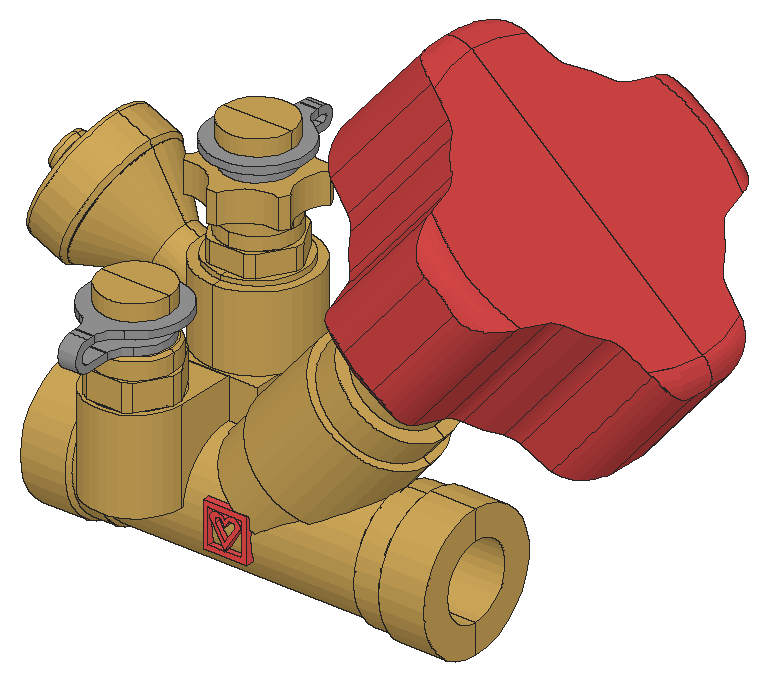
Revit family "Strangregulierventil mit Messblende 4017 ML (LF-MF)", category Rohrzubehör, Revit 2020
Family settings
  Bemaßung runder Anschluss = Durchmesser verwenden
  Teiletyp = Unterbricht
  OmniClass-Nummer = 23.65.55.14
  OmniClass-Titel = Valves for Liquid Services
  Arbeitsebenenbasiert = Nein
  Immer vertikal = Ja
  Beim Laden mit Abzugskörper schneiden = Nein
  Gemeinsam genutzt = Nein
Parameters (values of type "MF")
  kvs-Wert [instance] = if(and(Nennweite = 15.000 mm, LF), 0.46, if(and(Nennweite = 15.000 mm, MF), 0.88, 0))  # 0.88
  kv-Wert der Blende [instance] = if(and(Nennweite = 15.000 mm, LF), 0.48, if(and(Nennweite = 15.000 mm, MF), 0.97, 0))  # 0.97
  W01 = 50.00°  # constant formula
  Vorgabe-Ansicht = 0.000 mm
  URL = "www.herz-armaturen.at"
  SW01 = 60.00°  # constant formula
  SCRNSEQ = "ARM;ARM_TYP=\"STRV\";2"
  SCRNCODE = "05;07;02"  # constant formula
  S03 = 60.000 mm  # constant formula
  S02 [instance] = L04 + L06 + L07  # 76.800 mm
  S01 [instance] = D01 * 2  # 27.000 mm
  R03 = 21.500 mm  # constant formula
  R02 = 9.500 mm  # constant formula
  R01 = 12.000 mm  # constant formula
  Medium = "Heizwasserqualität entsprechend ÖNORM H 5195 bzw. VDI-Richtlinie 2035"
  MF = yes
  LF = no
  L10 [instance] = size_lookup("4017_ML_", "L10", 1.000 mm, Nennweite)  # 28.500 mm
  L09 [instance] = size_lookup("4017_ML_", "L9", 1.000 mm, Nennweite)  # 22.500 mm
  L08 [instance] = size_lookup("4017_ML_", "L8", 1.000 mm, Nennweite)  # 12.700 mm
  L07 [instance] = size_lookup("4017_ML_", "L7", 1.000 mm, Nennweite)  # 35.100 mm
  L06 [instance] = size_lookup("4017_ML_", "L6", 1.000 mm, Nennweite)  # 6.500 mm
  L05 [instance] = size_lookup("4017_ML_", "L5", 1.000 mm, Nennweite)  # 20.200 mm
  L04 [instance] = size_lookup("4017_ML_", "L4", 1.000 mm, Nennweite)  # 35.200 mm
  L03 [instance] = size_lookup("4017_ML_", "L3", 1.000 mm, Nennweite)  # 1.000 mm
  H03 [instance] = H01 - 19.000 mm  # 1.000 mm
  H02 = 13.000 mm  # constant formula
  Gehäuse = "entzinkungsbeständigem Messing"  # constant formula
  E01 [instance] = L00 / -2  # -41.500 mm
  E00 = 0.000 mm  # constant formula
  D09 [instance] = size_lookup("4017_ML_", "D9", 1.000 mm, Nennweite)  # 11.750 mm
  D08 [instance] = size_lookup("4017_ML_", "D8", 1.000 mm, Nennweite)  # 9.500 mm
  D07 [instance] = size_lookup("4017_ML_", "D7", 1.000 mm, Nennweite)  # 12.000 mm
  D06 [instance] = size_lookup("4017_ML_", "D6", 1.000 mm, Nennweite)  # 13.500 mm
  D05 [instance] = size_lookup("4017_ML_", "D5", 1.000 mm, Nennweite)  # 12.500 mm
  D04 [instance] = Nennweite / 2  # 7.500 mm
  IG [instance] = Nennweite / 2  # 7.500 mm
  D03 [instance] = size_lookup("4017_ML_", "D3", 1.000 mm, Nennweite)  # 11.900 mm
  D02 [instance] = size_lookup("4017_ML_", "D2", 1.000 mm, Nennweite)  # 12.700 mm
  D01 [instance] = size_lookup("4017_ML_", "D1", 1.000 mm, Nennweite)  # 13.500 mm
  Nennweite [instance] = 15.000 mm  # constant formula
  Max. Differenzdruck bei geschlossenen Sitz = 1000000.0 Pa  # constant formula
  Max. Betriebstemperatur = 130 °C  # constant formula
  Max. Betriebsdruck = 2000000.0 Pa  # constant formula
  L02 [instance] = size_lookup("4017_ML_", "L2", 1.000 mm, Nennweite)  # 5.000 mm
  L01 [instance] = size_lookup("4017_ML_", "L1", 1.000 mm, Nennweite)  # 9.250 mm
  L00 [instance] = size_lookup("4017_ML_", "L", 1.000 mm, Nennweite)  # 83.000 mm
  Hersteller = "HERZ Armaturen Ges.m.b.H."  # constant formula
  H01 [instance] = size_lookup("4017_ML_", "H1", 1.000 mm, Nennweite)  # 20.000 mm
  GT [instance] = size_lookup("4017_ML_", "GT", 1.000 mm, Nennweite)  # 13.200 mm
  DN50 [instance] = Nennweite = 50.000 mm  # no
  DN40 [instance] = Nennweite = 40.000 mm  # no
  DN32 [instance] = Nennweite = 32.000 mm  # no
  DN25 [instance] = Nennweite = 25.000 mm  # no
  DN20 [instance] = Nennweite = 20.000 mm  # no
  DN15 [instance] = Nennweite = 15.000 mm  # yes
  Bestellnummer [instance] = if(and(Nennweite = 15.000 mm, LF), 1401730, if(and(Nennweite = 15.000 mm, MF), 1401739, 0))  # 1401739
  Ausführung = "STRÖMAX 4017 ML, Strangregulierventil mit Messblende und Impulsleitungsanschluss für Differenzdruckmessung in Schrägsitzform, mit Messventilen\r\nGelbe Ausführung aus entzinkungsbeständigen Messing, Muffe x Muffe, Spindelabdichtung mit Dreifach-O-Ring, Voreinstellung durch Hubbegrenzung, digitale Anzeige der Voreinstellstufe im Handradfenster."
  Anwendungsgebiet = "Zum hydraulischen Abgleich in Heiz- oder Kühlanlagen, Einregulieren von Verteilleitungen, Strängen, Wärmetauschern,\r\nHeiz- und Kühlregistern."
Types (3, lengths in mm): name | kvs-Wert | kv-Wert der Blende | MF | LF | Bestellnummer
  (no name) | 0.88 | 0.97 | yes | no | 1401739
  LF | 0.46 | 0.48 | no | yes | 1401730
  MF | 0.88 | 0.97 | yes | no | 1401739
Reference planes
  plane 1 "Mitte (Vorne/hinten)": y = 0
  plane 2: z = 0
  plane 3 "Mitte (Links/rechts)": x = 0
Forms (mm)
  Revolve 1, solid, material "Messing, weicher Gelbton, geschweißt", detail levels fine
    sketch origin (470, 0, 0) x (1, 0, 0) y (0, 0, 1)
      loop
        line (-511.5, 7.5) -> (-498.3, 7.5) -> (-498.3, 0) -> (-441.7, 0) -> (-441.7, 7.5) -> (-428.5, 7.5) -> (-428.5, 13.5) -> (-437.75, 13.5) -> (-438.421, 12.7) -> (-443.421, 12.7) -> (-444.093, 11.9) -> (-495.907, 11.9) -> (-496.579, 12.7) -> (-501.579, 12.7) -> (-502.25, 13.5) -> (-511.5, 13.5) -> (-511.5, 7.5)
      axis (-511.5, 0) -> (-428.5, 0)
    angle from 0 to 360
  Revolve 2, solid, material "Messing, weicher Gelbton, geschweißt", detail levels fine
    sketch origin (0.32, 0, -0.105) x (1, 0, 0) y (0, 0, 1)
      loop
        line (-1.32, 0.105) -> (48.046, 58.937) -> (39.045, 66.49) -> (30.882, 56.761) -> (32.605, 55.315) -> (18.207, 38.155) -> (16.292, 39.762) -> (12.114, 34.783) -> (10.964, 35.747) -> (-2.02, 20.273) -> (-1.254, 19.63) -> (-7.652, 12.005) -> (-7.065, 4.926) -> (-1.32, 0.105)
      axis (-1.32, 0.105) -> (48.046, 58.937)
    angle from 0 to 360
  Extrusion 3, solid, material "Messing, weicher Gelbton, geschweißt", detail levels fine
    sketch origin (0, 0, 0) x (1, 0, 0) y (0, 1, 0)
      loop
        arc (-28.5, -12) -> (-19, -21.5) -> (-9.5, -12) r 9.5
        line (-9.5, -12) -> (-9.5, 0) -> (-28.5, 0) -> (-28.5, -12)
    from 1 <- "H03" to 20 <- "H01"
  Extrusion 4, solid, material "Messing, weicher Gelbton, geschweißt", detail levels fine
    sketch origin (0, 0, 0) x (1, 0, 0) y (0, 1, 0)
      loop
        line (-22.5, 12) -> (-22.5, 0) -> (-3.5, 0) -> (-3.5, 12)
        arc (-3.5, 12) -> (-13, 21.5) -> (-22.5, 12) r 9.5
    from 0 to 20 <- "H01"
  Extrusion 5, void
    sketch origin (0, 0, 0) x (1, 0, 0) y (0, 0, 1)
      loop
        line (55, 0) -> (80, 0) -> (80, 73) -> (55, 73) -> (55, 0)
    from 55 to -55
Cuts and joins
  Extrusion 5 cuts Revolve 2
Lines and regions (mm)
  model lines, detail levels coarse+medium
    curve 1: line (-41.5, 0, 13.5) -> (-41.5, 0, -13.5)
    curve 2: line (-41.5, 0, -13.5) -> (41.5, 0, 13.5)
    curve 3: line (41.5, 0, 13.5) -> (41.5, 0, -13.5)
    curve 4: line (41.5, 0, -13.5) -> (-41.5, 0, 13.5)
    curve 5: line (0, 0, 0) -> (38.4, 0, 66.511)
    curve 6: line (12.419, 0, 81.511) -> (64.381, 0, 51.511)
    curve 7: line (-41.5, -13.5, 0) -> (-41.5, 13.5, 0)
    curve 8: line (-41.5, 13.5, 0) -> (41.5, -13.5, 0)
    curve 9: line (41.5, -13.5, 0) -> (41.5, 13.5, 0)
    curve 10: line (41.5, 13.5, 0) -> (-41.5, -13.5, 0)
    curve 11: line (0, 0, 0) -> (38.4, 66.511, 0)
    curve 12: line (12.419, 81.511, 0) -> (64.381, 51.511, 0)
Dimensions and locks
  "L00": Revolve 1 sketch curve to Revolve 1 sketch curve
  equal spacing: Revolve 1 sketch curve, plane 3 "Mitte (Links/rechts)", Revolve 1 sketch curve
  "D01": Revolve 1 sketch curve to Revolve 1 sketch curve  (x2)
  "GT": Revolve 1 sketch curve to Revolve 1 sketch curve  (x2)
  "D06": Revolve 2 sketch curve to Revolve 2 sketch curve
  "D07": Revolve 2 sketch curve to Revolve 2 sketch curve
  "D08": Revolve 2 sketch curve to Revolve 2 sketch curve
  "D09": Revolve 2 sketch curve to Revolve 2 sketch curve
  equal spacing: curve 1, plane 3 "Mitte (Links/rechts)", curve 3
  "L00": curve 1 to curve 3
  equal spacing: curve 4, plane 2, curve 2
  "S01": curve 4 to curve 1
  "S01": curve 3 to curve 4
  equal spacing: curve 3, plane 2, curve 4
  "S02": curve 5 to curve 5
  equal spacing: curve 6, curve 5, curve 6
  "S03": curve 6 to curve 6
  equal spacing: curve 7, plane 3 "Mitte (Links/rechts)", curve 9
  "L00": curve 7 to curve 9
  equal spacing: curve 10, plane 1 "Mitte (Vorne/hinten)", curve 8
  "S01": curve 8 to curve 10
  equal spacing: curve 9, plane 1 "Mitte (Vorne/hinten)", curve 10
  "S01": curve 10 to curve 9
  "S02": curve 11 to curve 11
  equal spacing: curve 12, curve 11, curve 12
  "S03": curve 12 to curve 12
  "L01": Revolve 1 sketch curve to Revolve 1 sketch curve  (x2)
  "D02": Revolve 1 sketch curve to plane 2  (x2)
  "D03": Revolve 1 sketch curve to plane 2
  "IG": Revolve 1 sketch curve to plane 2  (x2)
  "L02": Revolve 1 sketch curve to Revolve 1 sketch curve  (x2)
  "L04": Revolve 2 sketch curve to Revolve 2 sketch curve
  "L05": Revolve 2 sketch curve to Revolve 2 sketch curve
  "D03": Revolve 2 sketch curve to plane 2
  "L06": Revolve 2 sketch curve to Revolve 2 sketch curve
  "L08": Revolve 2 sketch curve to Revolve 2 sketch curve
  "L07": Revolve 2 sketch curve to Revolve 2 sketch curve
  "D04": Revolve 2 sketch curve to Revolve 2 sketch curve
  "D05": Revolve 2 sketch curve to Revolve 2 sketch curve
  "L03": plane 3 "Mitte (Links/rechts)" to Revolve 2 sketch curve  (x2)
  "D03": nested 1 to plane 1 "Mitte (Vorne/hinten)"
  "L09": Revolve 1 to Extrusion 3 sketch curve
  "R01": Extrusion 3 sketch curve to plane 1 "Mitte (Vorne/hinten)"
  "R01": plane 1 "Mitte (Vorne/hinten)" to Extrusion 4 sketch curve
  "L10": Revolve 1 to Extrusion 4 sketch curve
  "H01": nested 2 to plane 2
  "R01": nested 2 to plane 1 "Mitte (Vorne/hinten)"
  "L09": Revolve 1 to nested 2
  Extrusion 5 sketch curve to plane 3 "Mitte (Links/rechts)" = 55.000 mm
  Extrusion 5 sketch curve to Extrusion 5 sketch curve = 25.000 mm
  Extrusion 5 sketch curve to plane 2 = 73.000 mm
  "L10": Revolve 1 to nested 4
  "R01": plane 1 "Mitte (Vorne/hinten)" to nested 4
  "H01": nested 4 to plane 2
  "R02": radius of Extrusion 3 sketch curve
  "R02": radius of Extrusion 4 sketch curve
  "W01": angle level to Revolve 2 sketch curve
  "SW01": angle plane 2 to curve 5
  "SW01": angle plane 1 "Mitte (Vorne/hinten)" to curve 11
  "W01": angle Revolve 1 sketch curve to Revolve 1 sketch curve  (x4)
  "W01": angle plane 2 to Revolve 2 sketch curve
  aligned and locked: level to plane 2
Automatic sketch dimensions
  Extrusion 5 sketch curve to level = 0.000 mm
  curve 5 to level = 0.000 mm
  plane 1 "Mitte (Vorne/hinten)" to curve 11 = 0.000 mm
  Revolve 1 sketch curve to level = 0.000 mm  (x2)
  Revolve 1 sketch curve to Revolve 1 sketch curve = 791.990 mm
  Revolve 1 sketch curve to Revolve 1 sketch curve = 2278.983 mm
  Revolve 2 sketch curve to level = 0.000 mm  (x2)
  plane 1 "Mitte (Vorne/hinten)" to Extrusion 3 sketch curve = 0.000 mm
  plane 1 "Mitte (Vorne/hinten)" to Extrusion 4 sketch curve = 0.000 mm
Nested families
  nested 1: "Herz-Logo-vorne" at (0, -11.9, 0) x (0, 1, 0) z (0, 0, 1), type "Herz-Logo-vorne", detail levels fine
  nested 2: "Messstutzen_Band_Eintritt_senkrecht_(oben)" at (-19, -12, 2.5) x (-1, 0, 0) z (0, 0, 1), type "Messstutzen_Band_Eintritt_senkrecht_(oben)", detail levels fine
    with Schutzkappe yes, Nennweite 0.000 mm, Gewicht 0.00 kg, Bestellnummer 0
  nested 3: "Strangregulierventil-Handrad (Rot) DN15-DN32" at (48.366, 0, 58.832), visible <- "DN15", type "Strangregulierventil-Handrad (Rot) DN15-DN32"
    with Nennweite 0.000 mm, Gewicht 0.00 kg, Bestellnummer 0
  nested 4: "Messstutzen_Band-KFE_Austritt_senkrecht_(oben)" at (-13, 12, 24.41), type "Messstutzen_Band-KFE_Austritt_senkrecht_(oben)", detail levels fine
    with Schutzkappe yes, Nennweite 0.000 mm, Gewicht 0.00 kg, Bestellnummer 0
Connectors
  piping at (-28.3, 0, 0), diameter 15, driven by "Nennweite"
    settings: on Revolve 1, index 1, connector inside diameter 609.6 mm, connector length 0.000 mm, flow factor 0, pipe flow 0.0 L/s, pressure drop 0.0 Pa, fitting loss kfactor 0, connector angle 0.00°, fixture units 0, engagement length 0.000 mm, angle of deflection 0.00°, flow configuration 0, flow direction 1, fitting loss method 0, system type 29, joint type 0, gender type 0, connector reference index -1, connector utility 0, adjustable connector no, is connector primary yes, connector description ""
  piping at (28.3, 0, 0), diameter 15, driven by "Nennweite"
    settings: on Revolve 1, index 2, connector inside diameter 609.6 mm, connector length 0.000 mm, flow factor 0, pipe flow 0.0 L/s, pressure drop 0.0 Pa, fitting loss kfactor 0, connector angle 0.00°, fixture units 0, engagement length 0.000 mm, angle of deflection 0.00°, flow configuration 0, flow direction 2, fitting loss method 0, system type 29, joint type 0, gender type 0, connector reference index -1, connector utility 0, adjustable connector no, is connector primary no, connector description ""
Definition of nested family "Herz-Logo-vorne"
  Parameters (values of type "Herz-Logo-vorne")
    Default Elevation = 0.000 mm
  Reference planes
    plane 1 "Mitte (Vorne/hinten)": y = 0
    plane 2: z = 0
    plane 3 "Mitte (Links/rechts)": x = 0
  Forms (mm)
    Extrusion 1, solid
      sketch origin (0.732, -0.018, 0.017) x (0, -1, 0) y (0, 0, 1)
        loop
          line (-0.018, -4.517) -> (4.482, -4.517) -> (4.482, 4.483) -> (-4.518, 4.483) -> (-4.518, -4.517) -> (-0.018, -4.517)
        loop
          line (-0.05, -3.48) -> (3.482, -3.48) -> (3.482, 3.483) -> (-3.518, 3.483) -> (-3.518, -3.48) -> (-0.05, -3.48)
        loop
          arc (-0.018, 2.383) -> (-1.543, 3.287) -> (-3.067, 2.383) r 1.738
          arc (-3.067, 2.383) -> (-3.191, 1.899) -> (-3.067, 1.415) r 1.009
          line (-3.067, 1.415) -> (-0.018, -3.281) -> (3.032, 1.415)
          arc (3.032, 1.415) -> (3.156, 1.899) -> (3.032, 2.383) r 1.009
          arc (3.032, 2.383) -> (1.507, 3.287) -> (-0.018, 2.383) r 1.738
        loop
          arc (1.885, 1.272) -> (2.005, 1.675) -> (1.885, 2.079) r 0.74
          arc (1.885, 2.079) -> (1.265, 2.416) -> (0.644, 2.079) r 0.74
          line (0.644, 2.079) -> (-0.018, 0.97) -> (-0.679, 2.079)
          arc (-0.679, 2.079) -> (-1.3, 2.416) -> (-1.921, 2.079) r 0.74
          arc (-1.921, 2.079) -> (-2.04, 1.675) -> (-1.921, 1.272) r 0.74
          line (-1.921, 1.272) -> (-0.018, -1.658) -> (1.885, 1.272)
      from 0 to 1.5
  Dimensions and locks
    aligned and locked: level to plane 2
Definition of nested family "Messstutzen_Band_Eintritt_senkrecht_(oben)"
  Parameters (values of type "Messstutzen_Band_Eintritt_senkrecht_(oben)")
    Default Elevation = 0.000 mm
    URL = "www.herz-armaturen.at"
    Schutzkappe [instance] = yes
    Nennweite [instance] = 0.000 mm
    Manufacturer = "Herz Armaturen GmbH"  # constant formula
    Gewicht [instance] = 0.00 kg
    Bestellnummer [instance] = 0
  Reference planes
    plane 1 "Mitte (Vorne/hinten)": y = 0
    plane 2: z = 0
    plane 3 "Mitte (Links/rechts)": x = 0
    plane 4 "Schlaufe 1": z = -27
    plane 5 "Schlaufe 2": z = -31.678
  Forms (mm)
    Revolve 1, solid, detail levels fine
      sketch origin (0, 0, 0) x (1, 0, 0) y (0, 0, 1)
        loop
          line (-7.4, 9) -> (-5.55, 9) -> (-5.55, 6)
          arc (-5.55, 6) -> (-5.626, 5.617) -> (-5.843, 5.293) r 1
          line (-5.843, 5.293) -> (-6.455, 4.681) -> (-6.455, 0.9) -> (-5.555, 0) -> (-2, 0) -> (-2, 17.5) -> (-8.4, 17.5)
          arc (-8.4, 17.5) -> (-7.693, 17.207) -> (-7.4, 16.5) r 1
          line (-7.4, 16.5) -> (-7.4, 9)
        loop
          line (-3.7, 27) -> (-7.3, 27) -> (-7.9, 26.4) -> (-7.9, 23) -> (-2, 23) -> (-2, 35.8) -> (-3.805, 35.8) -> (-4.415, 35.19) -> (-4.415, 30.863) -> (-3.7, 30.45) -> (-3.7, 27)
        axis (0, 0) -> (0, 35.8)
      angle from 0 to 360
    Extrusion 2, solid, detail levels fine
      sketch origin (0, 0, 17.5) x (0, 1, 0) y (-1, 0, 0)
        loop
          arc (-7.07, 5.156) -> (-7.578, 4.375) -> (-8, 3.544) r 8.75
          line (-8, 3.544) -> (-8, -3.544)
          arc (-8, -3.544) -> (-7.578, -4.375) -> (-7.07, -5.156) r 8.75
          line (-7.07, -5.156) -> (-0.93, -8.7)
          arc (-0.93, -8.7) -> (0, -8.75) -> (0.93, -8.7) r 8.75
          line (0.93, -8.7) -> (7.07, -5.156)
          arc (7.07, -5.156) -> (7.578, -4.375) -> (8, -3.544) r 8.75
          line (8, -3.544) -> (8, 3.544)
          arc (8, 3.544) -> (7.578, 4.375) -> (7.07, 5.156) r 8.75
          line (7.07, 5.156) -> (0.93, 8.7)
          arc (0.93, 8.7) -> (0, 8.75) -> (-0.93, 8.7) r 8.75
          line (-0.93, 8.7) -> (-7.07, 5.156)
      from 0 to 5.5
    Revolve 3, solid, visible <- "Schutzkappe", detail levels fine
      sketch origin (0, 0, 0) x (1, 0, 0) y (0, 0, 1)
        loop
          line (0, 35.878) -> (0, 36.678) -> (-7, 36.678) -> (-7, 33.378) -> (-6.1, 33.378) -> (-6.1, 31.678) -> (-6.9, 31.678) -> (-6.9, 30.178) -> (-4.415, 30.178) -> (-4.415, 35.268) -> (-3.805, 35.878) -> (0, 35.878)
        axis (0, 30.178) -> (0, 36.678)
      angle from 0 to 360
    Extrusion 4, solid, detail levels fine
      sketch origin (0, 0, 28.5) x (1, 0, 0) y (0, 1, 0)
        loop
          circle (0, 0) r 3.7
        loop
          arc (-3.906, 5.505) -> (0, -6.75) -> (3.906, 5.505) r 6.75
          arc (3.906, 5.505) -> (2.358, 7.288) -> (1.8, 9.582) r 5
          line (1.8, 9.582) -> (-1.8, 9.582)
          arc (-1.8, 9.582) -> (-2.358, 7.288) -> (-3.906, 5.505) r 5
      from 0 to -1.5
    Extrusion 5, solid, detail levels fine
      sketch origin (0, 0, 33.178) x (1, 0, 0) y (0, 1, 0)
        loop
          circle (0, 0) r 6.1
        loop
          arc (-4.495, 8.652) -> (0, -9.75) -> (4.495, 8.652) r 9.75
          arc (4.495, 8.652) -> (2.527, 10.493) -> (1.8, 13.089) r 5
          line (1.8, 13.089) -> (-1.8, 13.089)
          arc (-1.8, 13.089) -> (-2.527, 10.493) -> (-4.495, 8.652) r 5
      from 0 to -1.5
    Sweep 6, solid, detail levels fine
      path origin (0, 0, 0) x (0, 0, -1) y (0, -1, 0)
        loop
          line (-27.75, -9.582) -> (-27.75, -14.522)
          arc (-27.75, -14.522) -> (-30.089, -16.862) -> (-32.428, -14.522) r 2.339
          line (-32.428, -14.522) -> (-32.428, -13.089)
      profile origin (0, 12.052, 27.75) x (0, 0, 1) y (1, 0, 0)
        loop
          line (-0.75, -1.8) -> (0.75, -1.8) -> (0.75, 1.8) -> (-0.75, 1.8) -> (-0.75, -1.8)
  Dimensions and locks
    aligned and locked: level to plane 2
Definition of nested family "Strangregulierventil-Handrad (Rot) DN15-DN32"
  Parameters (values of type "Strangregulierventil-Handrad (Rot) DN15-DN32")
    Default Elevation = 0.000 mm
    URL = "www.herz-armaturen.at"
    Nennweite [instance] = 0.000 mm
    Manufacturer = "Herz Armaturen GmbH"  # constant formula
    Gewicht [instance] = 0.00 kg
    Bestellnummer [instance] = 0
  Reference planes
    plane 1 "Mitte (Vorne/hinten)": y = 0
    plane 2: z = 0
    plane 3 "Mitte (Links/rechts)": x = 0
  Forms (mm)
    Revolve 1, solid, detail levels fine
      sketch origin (0, 0, 0) x (0.766044, 0, -0.642788) y (0.642788, 0, 0.766044)
        loop
          line (0, 0) -> (0, 24.95) -> (-30.992, 24.95)
          arc (-30.992, 24.95) -> (-34.37, 23.636) -> (-35.973, 20.386) r 5
          line (-35.973, 20.386) -> (-37, 8.65) -> (-35.986, -2.936)
          arc (-35.986, -2.936) -> (-34.383, -6.186) -> (-31.005, -7.5) r 5
          line (-31.005, -7.5) -> (-15, -7.5) -> (-15, 0) -> (0, 0)
        axis (0, 24.95) -> (0, -7.5)
      angle from 0 to 360
    Extrusion 2, void
      sketch origin (13.049, 0, 15.551) x (0.766044, 0, -0.642788) y (0, 1, 0)
        loop
          line (3.861, 35.5) -> (-3.861, 35.5)
          arc (-3.861, 35.5) -> (-8.731, 33.847) -> (-11.589, 29.571) r 8
          line (-11.589, 29.571) -> (-13.284, 23.245)
          arc (-13.284, 23.245) -> (-13.982, 21.722) -> (-15.144, 20.516) r 5
          arc (-15.144, 20.516) -> (-18.031, 18.031) -> (-20.516, 15.144) r 25.5
          arc (-20.516, 15.144) -> (-21.722, 13.982) -> (-23.245, 13.284) r 5
          line (-23.245, 13.284) -> (-29.571, 11.589)
          arc (-29.571, 11.589) -> (-33.847, 8.731) -> (-35.5, 3.861) r 8
          line (-35.5, 3.861) -> (-35.5, -3.861)
          arc (-35.5, -3.861) -> (-33.847, -8.731) -> (-29.571, -11.589) r 8
          line (-29.571, -11.589) -> (-23.245, -13.284)
          arc (-23.245, -13.284) -> (-21.722, -13.982) -> (-20.516, -15.144) r 5
          arc (-20.516, -15.144) -> (-18.031, -18.031) -> (-15.144, -20.516) r 25.5
          arc (-15.144, -20.516) -> (-13.982, -21.722) -> (-13.284, -23.245) r 5
          line (-13.284, -23.245) -> (-11.589, -29.571)
          arc (-11.589, -29.571) -> (-8.731, -33.847) -> (-3.861, -35.5) r 8
          line (-3.861, -35.5) -> (3.861, -35.5)
          arc (3.861, -35.5) -> (8.731, -33.847) -> (11.589, -29.571) r 8
          line (11.589, -29.571) -> (13.284, -23.245)
          arc (13.284, -23.245) -> (13.982, -21.722) -> (15.144, -20.516) r 5
          arc (15.144, -20.516) -> (18.031, -18.031) -> (20.516, -15.144) r 25.5
          arc (20.516, -15.144) -> (21.722, -13.982) -> (23.245, -13.284) r 5
          line (23.245, -13.284) -> (29.571, -11.589)
          arc (29.571, -11.589) -> (33.847, -8.731) -> (35.5, -3.861) r 8
          line (35.5, -3.861) -> (35.5, 3.861)
          arc (35.5, 3.861) -> (33.847, 8.731) -> (29.571, 11.589) r 8
          line (29.571, 11.589) -> (23.245, 13.284)
          arc (23.245, 13.284) -> (21.722, 13.982) -> (20.516, 15.144) r 5
          arc (20.516, 15.144) -> (18.031, 18.031) -> (15.144, 20.516) r 25.5
          arc (15.144, 20.516) -> (13.982, 21.722) -> (13.284, 23.245) r 5
          line (13.284, 23.245) -> (11.589, 29.571)
          arc (11.589, 29.571) -> (8.731, 33.847) -> (3.861, 35.5) r 8
        loop
          circle (0, 0) r 38
      from -31.266 to 7.923
  Cuts and joins
    Extrusion 2 cuts Revolve 1
  Dimensions and locks
    Revolve 1 sketch curve to Revolve 1 sketch curve = 15.000 mm
    Revolve 1 sketch curve to Revolve 1 sketch curve = 16.150 mm
    Revolve 1 sketch curve to Revolve 1 sketch curve = 16.300 mm
    angle Revolve 1 sketch curve to Revolve 1 sketch curve = 95.00°
    aligned and locked: level to plane 2
Definition of nested family "Messstutzen_Band-KFE_Austritt_senkrecht_(oben)"
  Parameters (values of type "Messstutzen_Band-KFE_Austritt_senkrecht_(oben)")
    Default Elevation = 0.000 mm
    URL = "www.herz-armaturen.at"
    Schutzkappe [instance] = yes
    Nennweite [instance] = 0.000 mm
    Manufacturer = "Herz Armaturen GmbH"  # constant formula
    Gewicht [instance] = 0.00 kg
    Bestellnummer [instance] = 0
  Reference planes
    plane 1 "Mitte (Vorne/hinten)": y = 0
    plane 2: z = 0
    plane 3 "Mitte (Links/rechts)": x = 0
  Forms (mm)
    Revolve 1, solid, detail levels fine
      sketch origin (0, 0, 0) x (1, 0, 0) y (0, 0, 1)
        loop
          line (-7.4, 9) -> (-5.55, 9) -> (-5.55, 6)
          arc (-5.55, 6) -> (-5.626, 5.617) -> (-5.843, 5.293) r 1
          line (-5.843, 5.293) -> (-6.455, 4.681) -> (-6.455, 0.9) -> (-5.555, 0) -> (-2, 0) -> (-2, 23) -> (-2, 35.8) -> (-3.805, 35.8) -> (-4.415, 35.19) -> (-4.415, 30.863) -> (-3.7, 30.45) -> (-3.7, 27) -> (-7.4, 27) -> (-7.4, 9)
        axis (0, 0) -> (0, 35.8)
      angle from 0 to 360
    Extrusion 2, solid, detail levels fine
      sketch origin (0, 0, 17.5) x (0, 1, 0) y (-1, 0, 0)
        loop
          arc (-7.07, 5.156) -> (-7.578, 4.375) -> (-8, 3.544) r 8.75
          line (-8, 3.544) -> (-8, -3.544)
          arc (-8, -3.544) -> (-7.578, -4.375) -> (-7.07, -5.156) r 8.75
          line (-7.07, -5.156) -> (-0.93, -8.7)
          arc (-0.93, -8.7) -> (0, -8.75) -> (0.93, -8.7) r 8.75
          line (0.93, -8.7) -> (7.07, -5.156)
          arc (7.07, -5.156) -> (7.578, -4.375) -> (8, -3.544) r 8.75
          line (8, -3.544) -> (8, 3.544)
          arc (8, 3.544) -> (7.578, 4.375) -> (7.07, 5.156) r 8.75
          line (7.07, 5.156) -> (0.93, 8.7)
          arc (0.93, 8.7) -> (0, 8.75) -> (-0.93, 8.7) r 8.75
          line (-0.93, 8.7) -> (-7.07, 5.156)
      from -5.51 to -1.21
    Revolve 3, solid, visible <- "Schutzkappe", detail levels fine
      sketch origin (0, 0, 0) x (1, 0, 0) y (0, 0, 1)
        loop
          line (0, 35.878) -> (0, 36.678) -> (-7, 36.678) -> (-7, 33.378) -> (-6.1, 33.378) -> (-6.1, 31.678) -> (-6.9, 31.678) -> (-6.9, 30.178) -> (-4.415, 30.178) -> (-4.415, 35.268) -> (-3.805, 35.878) -> (0, 35.878)
        axis (0, 30.178) -> (0, 36.678)
      angle from 0 to 360
    Extrusion 4, solid, detail levels fine
      sketch origin (0, 0, 30) x (1, 0, 0) y (0, 1, 0)
        loop
          circle (0, 0) r 3.7
        loop
          arc (-3.906, 5.505) -> (0, -6.75) -> (3.906, 5.505) r 6.75
          arc (3.906, 5.505) -> (2.358, 7.288) -> (1.8, 9.582) r 5
          line (1.8, 9.582) -> (-1.8, 9.582)
          arc (-1.8, 9.582) -> (-2.358, 7.288) -> (-3.906, 5.505) r 5
      from 0 to -1.5
    Extrusion 5, solid, detail levels fine
      sketch origin (0, 0, 33.178) x (1, 0, 0) y (0, 1, 0)
        loop
          circle (0, 0) r 6.1
        loop
          arc (-4.495, 8.652) -> (0, -9.75) -> (4.495, 8.652) r 9.75
          arc (4.495, 8.652) -> (2.527, 10.493) -> (1.8, 13.089) r 5
          line (1.8, 13.089) -> (-1.8, 13.089)
          arc (-1.8, 13.089) -> (-2.527, 10.493) -> (-4.495, 8.652) r 5
      from 0 to -1.5
    Sweep 6, solid, detail levels fine
      path origin (0, 0, 0) x (0, 0, -1) y (0, -1, 0)
        loop
          line (-29.25, -9.582) -> (-29.25, -14.522)
          arc (-29.25, -14.522) -> (-30.839, -16.112) -> (-32.428, -14.522) r 1.589
          line (-32.428, -14.522) -> (-32.428, -13.089)
      profile origin (0, 12.052, 29.25) x (0, 0, 1) y (1, 0, 0)
        loop
          line (-0.75, -1.8) -> (0.75, -1.8) -> (0.75, 1.8) -> (-0.75, 1.8) -> (-0.75, -1.8)
    Extrusion 7, solid, detail levels fine
      sketch origin (-101.196, 0, 0) x (1, 0, 0) y (0, 1, 0)
        loop
          arc (112.053, 5.113) -> (111.589, 6) -> (111.053, 6.845) r 12
          arc (111.053, 6.845) -> (105.696, 7.794) -> (102.196, 11.958) r 7.971
          arc (102.196, 11.958) -> (101.196, 12) -> (100.196, 11.958) r 12
          arc (100.196, 11.958) -> (96.696, 7.794) -> (91.34, 6.845) r 7.971
          arc (91.34, 6.845) -> (90.804, 6) -> (90.34, 5.113) r 12
          arc (90.34, 5.113) -> (92.196, 0) -> (90.34, -5.113) r 7.971
          arc (90.34, -5.113) -> (90.804, -6) -> (91.34, -6.845) r 12
          arc (91.34, -6.845) -> (96.696, -7.794) -> (100.196, -11.958) r 7.971
          arc (100.196, -11.958) -> (101.196, -12) -> (102.196, -11.958) r 12
          arc (102.196, -11.958) -> (105.696, -7.794) -> (111.053, -6.845) r 7.971
          arc (111.053, -6.845) -> (111.589, -6) -> (112.053, -5.113) r 12
          arc (112.053, -5.113) -> (110.196, 0) -> (112.053, 5.113) r 7.971
      from 22.3 to 28.5
    Revolve 8, solid, detail levels fine
      sketch origin (0, 43.374, -20) x (0, 1, 0) y (0, 0, 1)
        loop
          line (-43.374, 0) -> (-37.874, 0) -> (-36.774, 1.1) -> (-36.774, 4.9) -> (-37.874, 6) -> (-37.874, 8.4) -> (-36.424, 8.4) -> (-36.424, 9.2) -> (-34.424, 9.2) -> (-34.424, 15.59) -> (-31.874, 15.59) -> (-31.874, 30.99) -> (-33.874, 30.99) -> (-33.874, 31.99) -> (-43.374, 31.99) -> (-43.374, 0)
        loop
          line (-43.374, 39) -> (-43.374, 36.29) -> (-35.874, 36.29) -> (-35.874, 39) -> (-43.374, 39)
        axis (-43.374, 39) -> (-43.374, 0)
      angle from 0 to 360
    Revolve 9, solid, detail levels fine
      sketch origin (0, 0, 0) x (-1, 0, 0) y (0, 0, 1)
        loop
          line (0, -1.01) -> (32.627, 14.204) -> (27.556, 25.08) -> (25.934, 25.67) -> (21.602, 23.65) -> (14.873, 11.994) -> (-2.324, 3.975) -> (0, -1.01)
        axis (32.627, 14.204) -> (0, -1.01)
      angle from 0 to 360
    Revolve 10, solid, detail levels fine
      sketch origin (-51.188, 0, -39.797) x (-0.422618, 0, -0.906308) y (-0.906308, 0, 0.422618)
        loop
          line (-56.786, 8) -> (-45.747, 8) -> (-45.747, 0) -> (-43.834, 0) -> (-42.786, 1.048) -> (-42.786, 8.048)
          arc (-42.786, 8.048) -> (-43.065, 8.721) -> (-43.738, 9) r 0.952
          line (-43.738, 9) -> (-52.974, 9)
          arc (-52.974, 9) -> (-53.548, 9.238) -> (-53.786, 9.812) r 0.812
          line (-53.786, 9.812) -> (-53.786, 12) -> (-52.786, 12) -> (-52.786, 13.03)
          arc (-52.786, 13.03) -> (-53.07, 13.716) -> (-53.756, 14) r 0.97
          line (-53.756, 14) -> (-56.786, 14) -> (-56.786, 8)
        axis (-56.786, 14) -> (-56.786, 0)
      angle from 0 to 360
  Dimensions and locks
    aligned and locked: level to plane 2
